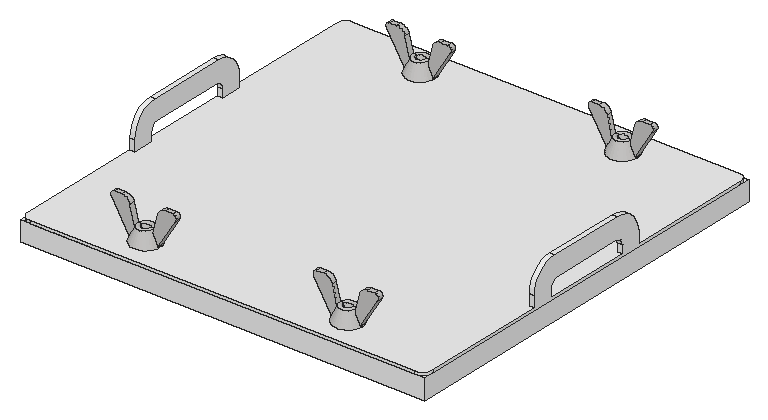
Revit family "Duct_Door-Acudor-Grease_Ducts-GDD_Series", category Specialty Equipment, host Face, Revit 2014
Parameters (values of type "GDD 7x7")
  Width = 10"
  URL = "http://acudor.com/"
  Type Comments = ""
  Revised Date = "08/28/2018"  # constant formula
  Product Page URL = "https://www.acudor.com/products/duct-access-doors/gdd"
  Product Documentation Link = "https://www.acudor.com/images/acudor/accessdoors/duct/GDD/GDD_PS.pdf"
  Place Holder = 1
  Model = "GDD 7x7"
  Material = "Stainless Steel-Acudor-20 Gauge-Satin"  # constant formula
  Manufacturer = "Acudor"
  Length = 1/2"  # constant formula
  Installation Type = "Surface Mount"  # constant formula
  Height = 10"
  First Offset = Bolt Spacing / 2  # 2 1/2"
  Finish = Stainless Steel-Acudor-20 Gauge-Satin
  Description = "Grease Duct Doors"  # constant formula
  Default Elevation = 0"  # constant formula
  Creation Date = "08/28/2018"  # constant formula
  Bolt Spacing = if(Place Holder < 1.5, Width / 2, if(Place Holder < 2.5, Width / 3, if(Place Holder < 3.5, Width / 5, if(Place Holder < 4.5, Width / 4, if(Place Holder < 5.5, Width / 6, if(Place Holder < 6.5, Width / 6, Width / 8))))))  # 5"
  Bolt Count = if(Place Holder < 1.5, 2, if(Place Holder < 2.5, 3, if(Place Holder < 3.5, 5, if(Place Holder < 4.5, 4, if(Place Holder < 5.5, 6, if(Place Holder < 6.5, 6, 8))))))  # 2
  Assembly Code = "C1020700"
Types (8): name | Width | Place Holder | Model | Height | First Offset | Bolt Spacing | Bolt Count
  (no name) | 10" | 1 | "GDD 7x7" | 10" | 2 1/2" | 5" | 2
  GDD 7x7 | 10" | 1 | "GDD 7x7" | 10" | 2 1/2" | 5" | 2
  GDD 7x12 | 15" | 2 | "GDD 7x12" | 10" | 2 1/2" | 5" | 3
  GDD 7x20 | 23" | 3 | "GDD 7x20" | 10" | 2.3" | 4.6" | 5
  GDD 12x12 | 15" | 4 | "GDD 12x12" | 15" | 1 7/8" | 3 3/4" | 4
  GDD 12x20 | 23" | 5 | "GDD 12x20" | 15" | 1.91667" | 3.83333" | 6
  GDD 16x20 | 23" | 6 | "GDD 16x20" | 19" | 1.91667" | 3.83333" | 6
  GDD 20x20 | 23" | 7 | "GDD 20x20" | 23" | 1 7/16" | 2 7/8" | 8
Reference planes (in)
  plane 1 "Center (Front/Back)": y = 0
  plane 2: z = 0
  plane 3 "Center (Left/Right)": x = 0
  plane 4: y = 5
  plane 5: y = -5
  plane 6: x = 5
  plane 7: x = -5
  plane 8: z = 0.5
  plane 9: y = 3.5
  plane 10: y = -3.5
  plane 11: x = 3.5
  plane 12: x = -3.5
  plane 13: z = 1.45416
  plane 14: y = 1.60765
  plane 15: y = -1.60765
  plane 16: y = 4.25
  plane 17: y = -4.25
  plane 18: x = -2.5
Forms (in)
  Extrusion 1, solid, material "Stainless Steel-Acudor-20 Gauge-Satin" <- "Finish"
    sketch origin (-1.5, 1.5, 0) x (1, 0, 0) y (0, 1, 0)
      loop
        line (-3.5, 3.5) -> (-3.5, -6.5) -> (6.5, -6.5) -> (6.5, 3.5) -> (-3.5, 3.5)
      loop
        line (-2, 2) -> (-2, -5) -> (5, -5) -> (5, 2) -> (-2, 2)
    from 0 to 0.5
  Extrusion 2, solid, material "Stainless Steel-Acudor-20 Gauge-Satin" <- "Finish"
    sketch origin (-1.5, 1.5, -11.44) x (1, 0, 0) y (0, 1, 0)
      loop
        arc (-3.25, 3.5) -> (-3.42678, 3.42678) -> (-3.5, 3.25) r 0.25
        line (-3.5, 3.25) -> (-3.5, -6.25)
        arc (-3.5, -6.25) -> (-3.42678, -6.42678) -> (-3.25, -6.5) r 0.25
        line (-3.25, -6.5) -> (6.25, -6.5)
        arc (6.25, -6.5) -> (6.42678, -6.42678) -> (6.5, -6.25) r 0.25
        line (6.5, -6.25) -> (6.5, 3.25)
        arc (6.5, 3.25) -> (6.42678, 3.42678) -> (6.25, 3.5) r 0.25
        line (6.25, 3.5) -> (-3.25, 3.5)
    from 11.94 to 12
  Extrusion 3, solid, material "Stainless Steel-Acudor-20 Gauge-Satin" <- "Finish"
    sketch origin (0, 0, 0) x (0, 1, 0) y (0, 0, 1)
      loop
        line (1.60765, 0.5) -> (1.60765, 0.82495)
        arc (1.60765, 0.82495) -> (1.42336, 1.26987) -> (0.97845, 1.45416) r 0.6292
        line (0.97845, 1.45416) -> (-0.97845, 1.45416)
        arc (-0.97845, 1.45416) -> (-1.42336, 1.26987) -> (-1.60765, 0.82495) r 0.6292
        line (-1.60765, 0.82495) -> (-1.60765, 0.5) -> (-1.10765, 0.5) -> (-1.10765, 0.7577)
        arc (-1.10765, 0.7577) -> (-1.05011, 0.89661) -> (-0.91119, 0.95416) r 0.19646
        line (-0.91119, 0.95416) -> (0.91119, 0.95416)
        arc (0.91119, 0.95416) -> (1.05011, 0.89661) -> (1.10765, 0.7577) r 0.19646
        line (1.10765, 0.7577) -> (1.10765, 0.5) -> (1.60765, 0.5)
    from -5 to -4.875
  Extrusion 4, solid, material "Stainless Steel-Acudor-20 Gauge-Satin" <- "Finish"
    sketch origin (0, 0, 0) x (0, 1, 0) y (0, 0, -1)
      loop
        line (1.60765, -0.5) -> (1.10765, -0.5) -> (1.10765, -0.7577)
        arc (1.10765, -0.7577) -> (1.05011, -0.89661) -> (0.91119, -0.95416) r 0.19646
        line (0.91119, -0.95416) -> (-0.91119, -0.95416)
        arc (-0.91119, -0.95416) -> (-1.05011, -0.89661) -> (-1.10765, -0.7577) r 0.19646
        line (-1.10765, -0.7577) -> (-1.10765, -0.5) -> (-1.60765, -0.5) -> (-1.60765, -0.82495)
        arc (-1.60765, -0.82495) -> (-1.42336, -1.26987) -> (-0.97845, -1.45416) r 0.6292
        line (-0.97845, -1.45416) -> (0.97845, -1.45416)
        arc (0.97845, -1.45416) -> (1.42336, -1.26987) -> (1.60765, -0.82495) r 0.6292
        line (1.60765, -0.82495) -> (1.60765, -0.5)
    from -5 to -4.875
Cuts and joins
  joined: Extrusion 2, Extrusion 3, Extrusion 4
Lines and regions (in)
  Masking region 1
    outline origin (0, 0, 0) x (1, 0, 0) y (0, 0, 1)
      loop
        line (5, 0) -> (5, 1.45416) -> (4.875, 1.45416) -> (4.875, 0.56) -> (-4.875, 0.56) -> (-4.875, 1.45416) -> (-5, 1.45416) -> (-5, 0) -> (5, 0)
  symbolic lines, detail levels medium+fine
    curve 1: line (-4.875, 0, 0.56) -> (-5, 0, 0.56)
    curve 2: line (-5, 0, 0.5) -> (5, 0, 0.5)
    curve 3: line (4.875, 0, 0.56) -> (5, 0, 0.56)
Dimensions and locks (in)
  "Height": plane 4 to plane 5
  equal spacing: plane 7, plane 3 "Center (Left/Right)", plane 6
  "Width": plane 7 to plane 6
  equal spacing: plane 4, plane 1 "Center (Front/Back)", plane 5
  "Length": level to plane 8
  locked: plane 7 to plane 12 at 1.5
  locked: plane 11 to plane 6 at 1.5
  locked: plane 9 to plane 4 at 1.5
  locked: plane 10 to plane 5 at 1.5
  locked: plane 8 to Extrusion 2 at 0.06
  locked: plane 13 to plane 8 at 0.95416
  equal spacing: plane 14, plane 1 "Center (Front/Back)", plane 15
  locked: plane 14 to plane 15 at 3.2153
  locked: plane 13 to Extrusion 3 sketch curve at 0.5
  locked: plane 14 to Extrusion 3 sketch curve at 0.5
  locked: Extrusion 3 sketch curve to plane 15 at 0.5
  locked: plane 7 to Extrusion 3 at 0.125
  locked: Extrusion 4 to plane 6 at 0.125
  equal spacing: plane 4, plane 16, plane 9
  equal spacing: plane 10, plane 17, plane 5
  "First Offset": plane 7 to plane 18
  group 1 to group 2 = 5"
  group 1 to group 2 = 0"  (x2)
  "Bolt Spacing": plane 18 to nested 2
  group 3 to group 4 = 5"
  group 3 to group 4 = 0"  (x2)
  "Bolt Spacing": plane 18 to nested 4
  radius of Extrusion 2 sketch curve = 1/4"  (x4)
  aligned and locked: plane 2 to host face
  aligned and locked: level to host face
  aligned and locked: Extrusion 1 sketch curve to plane 4
  aligned and locked: Extrusion 1 sketch curve to plane 7
  aligned and locked: Extrusion 1 sketch curve to plane 5
  aligned and locked: Extrusion 1 sketch curve to plane 6
  aligned and locked: plane 9 to Extrusion 1 sketch curve
  aligned and locked: plane 12 to Extrusion 1 sketch curve
  aligned and locked: plane 10 to Extrusion 1 sketch curve
  aligned and locked: plane 11 to Extrusion 1 sketch curve
  aligned and locked: Extrusion 1 to level
  aligned and locked: Extrusion 1 to plane 8
  aligned and locked: Extrusion 2 sketch curve to Extrusion 1  (x4)
  aligned and locked: plane 8 to Extrusion 2
  aligned and locked: Extrusion 3 sketch curve to plane 13
  aligned and locked: plane 14 to Extrusion 3 sketch curve
  aligned and locked: Extrusion 3 sketch curve to plane 15
  aligned and locked: plane 8 to Extrusion 3 sketch curve  (x2)
  aligned and locked: plane 7 to Extrusion 3
  aligned and locked: plane 8 to Extrusion 4 sketch curve  (x2)
  aligned and locked: Extrusion 4 sketch curve to Extrusion 3  (x6)
  aligned and locked: plane 14 to Extrusion 4 sketch curve
  aligned and locked: Extrusion 4 sketch curve to plane 15
  aligned and locked: plane 6 to cut or joined group of Extrusion 2, Extrusion 3, Extrusion 4
  aligned and locked: plane 18 to nested 1
  aligned and locked: nested 1 to plane 16
  aligned and locked: nested 2 to plane 16
  aligned and locked: plane 18 to nested 3
  aligned and locked: nested 3 to plane 17
  aligned and locked: nested 4 to plane 17
  aligned and locked: level to Masking region 1 sketch curve
  aligned and locked: Masking region 1 sketch curve to plane 6
  aligned and locked: Masking region 1 sketch curve to plane 13  (x2)
  aligned and locked: Masking region 1 sketch curve to cut or joined group of Extrusion 2, Extrusion 3, Extrusion 4  (x3)
  aligned and locked: Masking region 1 sketch curve to plane 7
  aligned and locked: plane 6 to curve 3
  aligned and locked: curve 3 to cut or joined group of Extrusion 2, Extrusion 3, Extrusion 4
  aligned and locked: cut or joined group of Extrusion 2, Extrusion 3, Extrusion 4 to curve 3
  aligned and locked: plane 6 to curve 2
  aligned and locked: plane 7 to curve 1
  aligned and locked: cut or joined group of Extrusion 2, Extrusion 3, Extrusion 4 to curve 1
  aligned and locked: curve 1 to cut or joined group of Extrusion 2, Extrusion 3, Extrusion 4
  aligned and locked: plane 7 to curve 2
  aligned and locked: curve 2 to Extrusion 1
Automatic sketch dimensions
  host sketch curve to host sketch curve = 96"  (x2)
  Extrusion 3 sketch curve to Extrusion 3 sketch curve = 0.1292"
  Extrusion 3 sketch curve to Extrusion 3 sketch curve = 0.06726"  (x2)
  Extrusion 3 sketch curve to Extrusion 3 sketch curve = 0.19646"
Nested families (in)
  nested 1: "Bolt Latch" at (-2.5, 4.25, 0.56), type "Bolt Latch"
  nested 2: "Bolt Latch" at (2.5, 4.25, 0.56), type "Bolt Latch"
  nested 3: "Bolt Latch" at (-2.5, -4.25, 0.56), type "Bolt Latch"
  nested 4: "Bolt Latch" at (2.5, -4.25, 0.56), type "Bolt Latch"
Definition of nested family "Bolt Latch"
  Parameters (values of type "Bolt Latch")
    Price = "Prices may vary. Please consult Manufacturer Representative for most up-to-date price list."  # constant formula
    Material = ""
    Default Elevation = 0"
  Reference planes (in)
    plane 1 "Center (Front/Back)": y = 0
    plane 2: z = 0
    plane 3 "Center (Left/Right)": x = 0
  Forms (in)
    Revolve 1, solid, material "Metal-Acudor-Stainless Steel"
      sketch origin (0, 0, 0) x (1, 0, 0) y (0, 0, 1)
        loop
          line (0.35921, 0.00097) -> (0.19758, 0.33584)
          arc (0.19758, 0.33584) -> (0.15627, 0.36012) -> (0.11807, 0.33118) r 0.04308
          line (0.11807, 0.33118) -> (0.0868, 0.24067)
          arc (0.0868, 0.24067) -> (0.07023, 0.21852) -> (0.04388, 0.21009) r 0.04541
          line (0.04388, 0.21009) -> (0, 0.21009) -> (0, 0.00097) -> (0.35921, 0.00097)
        axis (0, 0.33584) -> (0, 0.00097)
      angle from 0 to 360
    Extrusion 2, solid, material "Metal-Acudor-Stainless Steel"
      sketch origin (0, 0, 0) x (1, 0, 0) y (0, 0, 1)
        loop
          line (0.37573, 0.05047) -> (0.7944, 0.74726)
          arc (0.7944, 0.74726) -> (0.79562, 0.84046) -> (0.71511, 0.88741) r 0.09251
          line (0.71511, 0.88741) -> (0.54448, 0.88741)
          arc (0.54448, 0.88741) -> (0.41378, 0.84241) -> (0.33849, 0.72647) r 0.2123
          line (0.33849, 0.72647) -> (0.20717, 0.1998) -> (-0.20717, 0.1998) -> (-0.33849, 0.72647)
          arc (-0.33849, 0.72647) -> (-0.41378, 0.84241) -> (-0.54448, 0.88741) r 0.2123
          line (-0.54448, 0.88741) -> (-0.71511, 0.88741)
          arc (-0.71511, 0.88741) -> (-0.79562, 0.84046) -> (-0.7944, 0.74726) r 0.09251
          line (-0.7944, 0.74726) -> (-0.37521, 0.04961)
          arc (-0.37521, 0.04961) -> (-0.34387, 0.01908) -> (-0.30155, 0.00794) r 0.08594
          line (-0.30155, 0.00794) -> (0.30056, 0.00794)
          arc (0.30056, 0.00794) -> (0.34374, 0.01931) -> (0.37573, 0.05047) r 0.0877
      from -0.05868 to 0.05868
  Cuts and joins
    joined: Revolve 1, Extrusion 2
  Lines and regions (in)
    Masking region 1
      outline origin (0, 0, 0) x (1, 0, 0) y (0, 0, 1)
        loop
          line (-0.35921, 0.00097) -> (0.35921, 0.00097) -> (0.34454, 0.03105)
          arc (0.34454, 0.03105) -> (0.36218, 0.03653) -> (0.37521, 0.04961) r 0.03843
          line (0.37521, 0.04961) -> (0.7944, 0.74726)
          arc (0.7944, 0.74726) -> (0.79562, 0.84046) -> (0.71511, 0.88741) r 0.09251
          line (0.71511, 0.88741) -> (0.54448, 0.88741)
          arc (0.54448, 0.88741) -> (0.41378, 0.84241) -> (0.33849, 0.72647) r 0.2123
          line (0.33849, 0.72647) -> (0.2258, 0.2745) -> (0.198, 0.3315)
          arc (0.198, 0.3315) -> (0.17897, 0.35263) -> (0.15165, 0.36047) r 0.05157
          line (0.15165, 0.36047) -> (-0.15165, 0.36047)
          arc (-0.15165, 0.36047) -> (-0.17897, 0.35263) -> (-0.198, 0.3315) r 0.05157
          line (-0.198, 0.3315) -> (-0.2258, 0.2745) -> (-0.33849, 0.72647)
          arc (-0.33849, 0.72647) -> (-0.41378, 0.84241) -> (-0.54448, 0.88741) r 0.2123
          line (-0.54448, 0.88741) -> (-0.71511, 0.88741)
          arc (-0.71511, 0.88741) -> (-0.79562, 0.84046) -> (-0.7944, 0.74726) r 0.09251
          line (-0.7944, 0.74726) -> (-0.37521, 0.04961)
          arc (-0.37521, 0.04961) -> (-0.36218, 0.03653) -> (-0.34454, 0.03105) r 0.03843
          line (-0.34454, 0.03105) -> (-0.35921, 0.00097)
    symbolic lines
      curve 1: line (-0.22627, 0, 0.2764) -> (-0.34589, 0, 0.03115)
      curve 2: line (0.2258, 0, 0.2745) -> (0.34454, 0, 0.03105)
  Dimensions and locks (in)
    equal spacing: Extrusion 2, plane 1 "Center (Front/Back)", Extrusion 2
    locked: Extrusion 2 to Extrusion 2 at 0.11736
    aligned and locked: Revolve 1 sketch curve to Revolve 1 sketch curve
  Automatic sketch dimensions
    Revolve 1 sketch curve to plane 3 "Center (Left/Right)" = 0"  (x2)
    plane 3 "Center (Left/Right)" to Revolve 1 sketch curve = 0.04388"
    Revolve 1 sketch curve to Revolve 1 sketch curve = 0.04292"
    plane 3 "Center (Left/Right)" to Revolve 1 sketch curve = 0.11807"
    Revolve 1 sketch curve to Revolve 1 sketch curve = 0.04071"
    Revolve 1 sketch curve to Revolve 1 sketch curve = 0.03879"
    level to Revolve 1 sketch curve = 0.00097"
    Revolve 1 sketch curve to Revolve 1 sketch curve = 0.2724"
    level to Revolve 1 sketch curve = 0.21009"
    Revolve 1 sketch curve to Revolve 1 sketch curve = 0.03058"
    Revolve 1 sketch curve to Revolve 1 sketch curve = 0.07645"
    Revolve 1 sketch curve to Revolve 1 sketch curve = 0.01407"
    Revolve 1 sketch curve to Revolve 1 sketch curve = 0.14208"
    Extrusion 2 sketch curve to plane 3 "Center (Left/Right)" = 0.7944"
    Extrusion 2 sketch curve to Extrusion 2 sketch curve = 0.07929"  (x2)
    Extrusion 2 sketch curve to Extrusion 2 sketch curve = 0.17063"  (x2)
    level to Extrusion 2 sketch curve = 0.04961"
    Extrusion 2 sketch curve to plane 3 "Center (Left/Right)" = 0.37521"
    Extrusion 2 sketch curve to Extrusion 2 sketch curve = 0.206"  (x2)
    Extrusion 2 sketch curve to Extrusion 2 sketch curve = 0.07366"
    Extrusion 2 sketch curve to Extrusion 2 sketch curve = 0.09438"
    plane 3 "Center (Left/Right)" to Extrusion 2 sketch curve = 0.20717"
    Extrusion 2 sketch curve to Extrusion 2 sketch curve = 0.09338"
    plane 3 "Center (Left/Right)" to Extrusion 2 sketch curve = 0.33849"
    level to Extrusion 2 sketch curve = 0.05047"
    Extrusion 2 sketch curve to Extrusion 2 sketch curve = 0.07517"
    level to Extrusion 2 sketch curve = 0.00794"
    Extrusion 2 sketch curve to Extrusion 2 sketch curve = 0.10416"
    Extrusion 2 sketch curve to Extrusion 2 sketch curve = 0.47531"  (x2)
    Extrusion 2 sketch curve to Extrusion 2 sketch curve = 0.05136"  (x2)
    Extrusion 2 sketch curve to Extrusion 2 sketch curve = 0.14015"  (x2)
    Masking region 1 sketch curve to plane 3 "Center (Left/Right)" = 0.7944"
    Masking region 1 sketch curve to Masking region 1 sketch curve = 0.07929"  (x2)
    Masking region 1 sketch curve to Masking region 1 sketch curve = 0.17063"  (x2)
    level to Masking region 1 sketch curve = 0.04961"  (x2)
    Masking region 1 sketch curve to plane 3 "Center (Left/Right)" = 0.37521"
    level to Masking region 1 sketch curve = 0.00097"
    Masking region 1 sketch curve to Masking region 1 sketch curve = 0.01601"
    level to Masking region 1 sketch curve = 0.03105"  (x2)
    Masking region 1 sketch curve to Masking region 1 sketch curve = 0.01467"  (x2)
    Masking region 1 sketch curve to Masking region 1 sketch curve = 0.03294"
    Masking region 1 sketch curve to Masking region 1 sketch curve = 0.206"  (x2)
    Masking region 1 sketch curve to plane 3 "Center (Left/Right)" = 0.2258"
    Masking region 1 sketch curve to Masking region 1 sketch curve = 0.0278"  (x2)
    Masking region 1 sketch curve to Masking region 1 sketch curve = 0.04635"  (x2)
    plane 3 "Center (Left/Right)" to Masking region 1 sketch curve = 0.33849"
    level to Masking region 1 sketch curve = 0.06941"
    Masking region 1 sketch curve to Masking region 1 sketch curve = 0.11648"
    Masking region 1 sketch curve to Masking region 1 sketch curve = 0.00226"
    Masking region 1 sketch curve to Masking region 1 sketch curve = 0.2051"
    Masking region 1 sketch curve to Masking region 1 sketch curve = 0.0344"  (x2)
    Masking region 1 sketch curve to Masking region 1 sketch curve = 0.02261"  (x2)
    Masking region 1 sketch curve to Masking region 1 sketch curve = 0.3436"  (x2)
    Masking region 1 sketch curve to Masking region 1 sketch curve = 0.05136"  (x2)
    Masking region 1 sketch curve to Masking region 1 sketch curve = 0.14015"  (x2)
    plane 3 "Center (Left/Right)" to Masking region 1 sketch curve = 0.15165"
    level to curve 1 = 0.03115"
    curve 1 to plane 3 "Center (Left/Right)" = 0.34589"
    curve 1 to plane 3 "Center (Left/Right)" = 0.22627"
    plane 3 "Center (Left/Right)" to curve 2 = 0.2258"
    level to curve 2 = 0.03105"
    curve 2 to curve 2 = 0.11874"
    curve 2 to curve 2 = 0.24346"
    curve 1 to curve 1 = 0.24525"
